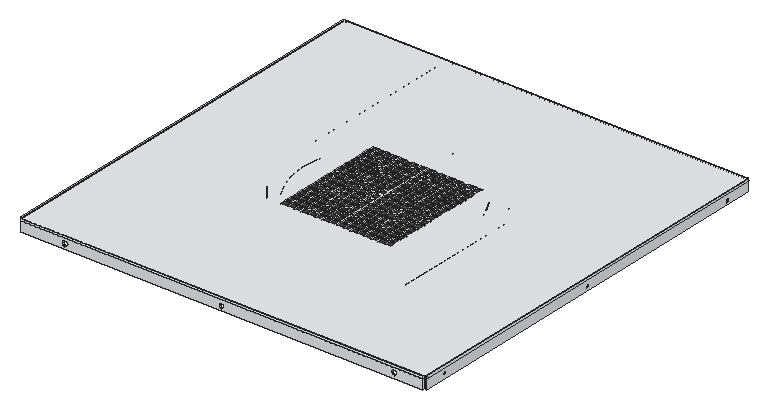
Revit family "DT22", category Communication Devices, host Face, Revit 2014 (continued)
Definition of nested family "ATLAS SOUND_DT22"
  Lines and regions (in)
    symbolic lines
      curve 57: line (0.62464, 3.41, 0) -> (0.62464, 3.09524, 0)
      curve 58: line (0.67471, 3.09524, 0) -> (0.67471, 3.41, 0)
      curve 59: line (0.67471, 3.41, 0) -> (1.0181, 3.41, 0)
      curve 60: line (1.0181, 3.41, 0) -> (1.0181, 3.09524, 0)
      curve 61: line (1.0181, 3.09524, 0) -> (0.67471, 3.09524, 0)
      curve 62: line (1.08096, 3.09524, 0) -> (1.08096, 3.41, 0)
      curve 63: line (1.08096, 3.41, 0) -> (1.42435, 3.41, 0)
      curve 64: line (1.42435, 3.41, 0) -> (1.42435, 3.09524, 0)
      curve 65: line (1.42435, 3.09524, 0) -> (1.08096, 3.09524, 0)
      curve 66: line (1.5, 3.41, 0) -> (1.84339, 3.41, 0)
      curve 67: line (1.5, 3.09524, 0) -> (1.5, 3.41, 0)
      curve 68: line (1.84339, 3.09524, 0) -> (1.5, 3.09524, 0)
      curve 69: line (1.84339, 3.41, 0) -> (1.84339, 3.09524, 0)
      curve 70: line (1.90625, 3.09524, 0) -> (1.90625, 3.41, 0)
      curve 71: line (1.90625, 3.41, 0) -> (2.24964, 3.41, 0)
      curve 72: line (2.24964, 3.41, 0) -> (2.24964, 3.09524, 0)
      curve 73: line (2.24964, 3.09524, 0) -> (1.90625, 3.09524, 0)
      curve 74: line (2.29971, 3.09524, 0) -> (2.29971, 3.41, 0)
      curve 75: line (2.29971, 3.41, 0) -> (2.6431, 3.41, 0)
      curve 76: line (2.6431, 3.41, 0) -> (2.6431, 3.09524, 0)
      curve 77: line (2.6431, 3.09524, 0) -> (2.29971, 3.09524, 0)
      curve 78: line (2.70596, 3.41, 0) -> (3.04935, 3.41, 0)
      curve 79: line (3.04935, 3.41, 0) -> (3.04935, 3.09524, 0)
      curve 80: line (2.70596, 3.09524, 0) -> (2.70596, 3.41, 0)
      curve 81: line (3.04935, 3.09524, 0) -> (2.70596, 3.09524, 0)
      curve 82: line (-3.41, 3.00611, 0) -> (-3.06661, 3.00611, 0)
      curve 83: line (-3.41, 2.68171, 0) -> (-3.41, 3.00611, 0)
      curve 84: line (-3.06661, 2.68171, 0) -> (-3.41, 2.68171, 0)
      curve 85: line (-3.00375, 3.00611, 0) -> (-2.66036, 3.00611, 0)
      curve 86: line (-2.66036, 2.68171, 0) -> (-3.00375, 2.68171, 0)
      curve 87: line (-2.2669, 3.41, 0) -> (-2.2669, 3.09524, 0)
      curve 88: line (-2.61029, 3.00611, 0) -> (-2.2669, 3.00611, 0)
      curve 89: line (-2.2669, 3.00611, 0) -> (-2.2669, 2.68171, 0)
      curve 90: line (-3.41, 2.59258, 0) -> (-3.06661, 2.59258, 0)
      curve 91: line (-3.06661, 2.59258, 0) -> (-3.06661, 2.23607, 0)
      curve 92: line (-3.00375, 2.59258, 0) -> (-2.66036, 2.59258, 0)
      curve 93: line (-2.66036, 2.68171, 0) -> (-3.00375, 2.68171, 0)
      curve 94: line (-2.20404, 2.68171, 0) -> (-2.20404, 3.00611, 0)
      curve 95: line (-2.20404, 3.00611, 0) -> (-1.86065, 3.00611, 0)
      curve 96: line (-1.86065, 3.00611, 0) -> (-1.86065, 2.68171, 0)
      curve 97: line (-1.86065, 2.68171, 0) -> (-2.20404, 2.68171, 0)
      curve 98: line (-1.785, 3.00611, 0) -> (-1.44161, 3.00611, 0)
      curve 99: line (-1.785, 2.68171, 0) -> (-1.785, 3.00611, 0)
      curve 100: line (-1.44161, 2.68171, 0) -> (-1.785, 2.68171, 0)
      curve 101: line (-1.44161, 3.00611, 0) -> (-1.44161, 2.68171, 0)
      curve 102: line (-1.37875, 2.68171, 0) -> (-1.37875, 3.00611, 0)
      curve 103: line (-1.37875, 3.00611, 0) -> (-1.03536, 3.00611, 0)
      curve 104: line (-1.03536, 3.00611, 0) -> (-1.03536, 2.68171, 0)
      curve 105: line (-1.03536, 2.68171, 0) -> (-1.37875, 2.68171, 0)
      curve 106: line (-0.98529, 2.68171, 0) -> (-0.98529, 3.00611, 0)
      curve 107: line (-0.6419, 3.00611, 0) -> (-0.6419, 2.68171, 0)
      curve 108: line (-0.98529, 3.00611, 0) -> (-0.6419, 3.00611, 0)
      curve 109: line (-0.6419, 2.68171, 0) -> (-0.98529, 2.68171, 0)
      curve 110: line (-0.57904, 3.00611, 0) -> (-0.23565, 3.00611, 0)
      curve 111: line (-0.57904, 2.68171, 0) -> (-0.57904, 3.00611, 0)
      curve 112: line (-0.23565, 3.00611, 0) -> (-0.23565, 2.68171, 0)
      curve 113: line (-0.23565, 2.68171, 0) -> (-0.57904, 2.68171, 0)
      curve 114: line (-0.125, 3.00611, 0) -> (0.21839, 3.00611, 0)
      curve 115: line (-0.125, 2.68171, 0) -> (-0.125, 3.00611, 0)
      curve 116: line (0.21839, 2.68171, 0) -> (-0.125, 2.68171, 0)
      curve 117: line (0.21839, 3.00611, 0) -> (0.21839, 2.68171, 0)
      curve 118: line (0.28125, 3.00611, 0) -> (0.62464, 3.00611, 0)
      curve 119: line (0.28125, 2.68171, 0) -> (0.28125, 3.00611, 0)
      curve 120: line (0.62464, 2.68171, 0) -> (0.28125, 2.68171, 0)
      curve 121: line (0.62464, 3.00611, 0) -> (0.62464, 2.68171, 0)
      curve 122: line (-3.41, -3.36026, 0) -> (-3.41, -2.99212, 0)
      curve 123: line (-3.06661, -3.36026, 0) -> (-3.41, -3.36026, 0)
      curve 124: line (-3.06661, -2.99212, 0) -> (-3.06661, -3.36026, 0)
      curve 125: line (-3.41, -2.99212, 0) -> (-3.06661, -2.99212, 0)
      curve 126: line (-3.41, -2.93399, 0) -> (-3.41, -2.58135, 0)
      curve 127: line (-3.41, -2.5205, 0) -> (-3.41, -2.18975, 0)
      curve 128: line (-3.41, -2.12775, 0) -> (-3.41, -1.78674, 0)
      curve 129: line (-3.41, -1.71896, 0) -> (-3.06661, -1.71896, 0)
      curve 130: line (-3.41, -1.28882, 0) -> (-3.41, -0.84705, 0)
      curve 131: line (-3.41, -0.77192, 0) -> (-3.41, -0.38627, 0)
      curve 132: line (-3.41, -0.29866, 0) -> (-3.41, 0.13266, 0)
      curve 133: line (-3.41, 0.2308, 0) -> (-3.41, 0.58285, 0)
      curve 134: line (-3.41, 0.2308, 0) -> (-3.41, 0.58285, 0)
      curve 135: line (-3.41, 0.65861, 0) -> (-3.41, 0.99284, 0)
      curve 136: line (-3.41, 1.05077, 0) -> (-3.41, 1.38055, 0)
      curve 137: line (-3.41, 1.46076, 0) -> (-3.41, 1.78162, 0)
      curve 138: line (-3.41, 1.85317, 0) -> (-3.41, 2.1593, 0)
      curve 139: line (-3.41, 2.23607, 0) -> (-3.41, 2.59258, 0)
      curve 140: line (-3.00375, 2.59258, 0) -> (-3.00375, 2.23607, 0)
      curve 141: line (-3.00375, 2.59258, 0) -> (-2.66036, 2.59258, 0)
      curve 142: line (-2.66036, 2.23607, 0) -> (-2.66036, 2.59258, 0)
      curve 143: line (-3.00375, 2.23607, 0) -> (-2.66036, 2.23607, 0)
      curve 144: line (-2.61029, 2.59258, 0) -> (-2.61029, 2.23607, 0)
      curve 145: line (-2.61029, 2.59258, 0) -> (-2.2669, 2.59258, 0)
      curve 146: line (-2.2669, 2.59258, 0) -> (-2.2669, 2.23607, 0)
      curve 147: line (-2.2669, 2.23607, 0) -> (-2.61029, 2.23607, 0)
      curve 148: line (-2.20404, 2.59258, 0) -> (-1.86065, 2.59258, 0)
      curve 149: line (-2.20404, 2.23607, 0) -> (-2.20404, 2.59258, 0)
      curve 150: line (-1.86065, 2.23607, 0) -> (-2.20404, 2.23607, 0)
      curve 151: line (-1.86065, 2.59258, 0) -> (-1.86065, 2.23607, 0)
      curve 152: line (-1.785, 2.59258, 0) -> (-1.44161, 2.59258, 0)
      curve 153: line (-1.785, 2.23607, 0) -> (-1.785, 2.59258, 0)
      curve 154: line (-1.44161, 2.23607, 0) -> (-1.785, 2.23607, 0)
      curve 155: line (-1.44161, 2.59258, 0) -> (-1.44161, 2.23607, 0)
      curve 156: line (-1.37875, 2.59258, 0) -> (-1.03536, 2.59258, 0)
      curve 157: line (-1.03536, 2.23607, 0) -> (-1.37875, 2.23607, 0)
      curve 158: line (-1.37875, 2.23607, 0) -> (-1.37875, 2.59258, 0)
      curve 159: line (-1.03536, 2.59258, 0) -> (-1.03536, 2.23607, 0)
      curve 160: line (-1.37875, 2.1593, 0) -> (-1.03536, 2.1593, 0)
      curve 161: line (-1.03536, 1.85317, 0) -> (-1.37875, 1.85317, 0)
      curve 162: line (-1.03536, 2.1593, 0) -> (-1.03536, 1.85317, 0)
      curve 163: line (-1.37875, 1.85317, 0) -> (-1.37875, 2.1593, 0)
      curve 164: line (-3.41, 2.59258, 0) -> (-3.06661, 2.59258, 0)
      curve 165: line (-3.06661, 2.23607, 0) -> (-3.41, 2.23607, 0)
      curve 166: line (-3.06661, 2.59258, 0) -> (-3.06661, 2.23607, 0)
      curve 167: line (-3.00375, 2.23607, 0) -> (-3.00375, 2.59258, 0)
      curve 168: line (-2.61029, 2.59258, 0) -> (-2.2669, 2.59258, 0)
      curve 169: line (-2.61029, 2.23607, 0) -> (-2.61029, 2.59258, 0)
      curve 170: line (-2.2669, 2.23607, 0) -> (-2.61029, 2.23607, 0)
      curve 171: line (-2.2669, 2.59258, 0) -> (-2.2669, 2.23607, 0)
      curve 172: line (-2.20404, 2.59258, 0) -> (-1.86065, 2.59258, 0)
      curve 173: line (-1.86065, 2.59258, 0) -> (-1.86065, 2.23607, 0)
      curve 174: line (-2.20404, 2.59258, 0) -> (-2.20404, 2.23607, 0)
      curve 175: line (-2.20404, 2.23607, 0) -> (-1.86065, 2.23607, 0)
      curve 176: line (-1.785, 2.59258, 0) -> (-1.44161, 2.59258, 0)
      curve 177: line (-1.785, 2.23607, 0) -> (-1.785, 2.59258, 0)
      curve 178: line (-1.44161, 2.23607, 0) -> (-1.785, 2.23607, 0)
      curve 179: line (-1.44161, 2.59258, 0) -> (-1.44161, 2.23607, 0)
      curve 180: line (-1.37875, 2.23607, 0) -> (-1.37875, 2.59258, 0)
      curve 181: line (-1.37875, 2.59258, 0) -> (-1.03536, 2.59258, 0)
      curve 182: line (-1.03536, 2.59258, 0) -> (-1.03536, 2.23607, 0)
      curve 183: line (-1.03536, 2.23607, 0) -> (-1.37875, 2.23607, 0)
      curve 184: line (-0.98529, 2.59258, 0) -> (-0.6419, 2.59258, 0)
      curve 185: line (-0.98529, 2.23607, 0) -> (-0.98529, 2.59258, 0)
      curve 186: line (-0.6419, 2.23607, 0) -> (-0.98529, 2.23607, 0)
      curve 187: line (-0.6419, 2.59258, 0) -> (-0.6419, 2.23607, 0)
      curve 188: line (-0.57904, 2.23607, 0) -> (-0.57904, 2.59258, 0)
      curve 189: line (-0.57904, 2.59258, 0) -> (-0.23565, 2.59258, 0)
      curve 190: line (-0.23565, 2.59258, 0) -> (-0.23565, 2.23607, 0)
      curve 191: line (-0.23565, 2.23607, 0) -> (-0.57904, 2.23607, 0)
      curve 192: line (-0.125, 2.23607, 0) -> (-0.125, 2.59258, 0)
      curve 193: line (-0.125, 2.59258, 0) -> (0.21839, 2.59258, 0)
      curve 194: line (0.21839, 2.59258, 0) -> (0.21839, 2.23607, 0)
      curve 195: line (0.21839, 2.23607, 0) -> (-0.125, 2.23607, 0)
      curve 196: line (0.28125, 2.59258, 0) -> (0.62464, 2.59258, 0)
      curve 197: line (0.62464, 2.23607, 0) -> (0.28125, 2.23607, 0)
      curve 198: line (0.28125, 2.23607, 0) -> (0.28125, 2.59258, 0)
      curve 199: line (0.62464, 2.59258, 0) -> (0.62464, 2.23607, 0)
      curve 200: line (0.67471, 2.23607, 0) -> (0.67471, 2.59258, 0)
      curve 201: line (0.67471, 2.59258, 0) -> (1.0181, 2.59258, 0)
      curve 202: line (1.0181, 2.59258, 0) -> (1.0181, 2.23607, 0)
      curve 203: line (1.0181, 2.23607, 0) -> (0.67471, 2.23607, 0)
      curve 204: line (-3.06661, 3.00611, 0) -> (-3.06661, 2.68171, 0)
      curve 205: line (-3.00375, 2.68171, 0) -> (-3.00375, 3.00611, 0)
      curve 206: line (-2.66036, 3.00611, 0) -> (-2.66036, 2.68171, 0)
      curve 207: line (-2.61029, 2.68171, 0) -> (-2.61029, 3.00611, 0)
      curve 208: line (-2.2669, 3.00611, 0) -> (-2.2669, 2.68171, 0)
      curve 209: line (-2.20404, 2.68171, 0) -> (-2.20404, 3.00611, 0)
      curve 210: line (-1.86065, 3.00611, 0) -> (-1.86065, 2.68171, 0)
      curve 211: line (-1.785, 2.68171, 0) -> (-1.785, 3.00611, 0)
      curve 212: line (-1.44161, 3.00611, 0) -> (-1.44161, 2.68171, 0)
      curve 213: line (-1.37875, 2.68171, 0) -> (-1.37875, 3.00611, 0)
      curve 214: line (-1.03536, 3.00611, 0) -> (-1.03536, 2.68171, 0)
      curve 215: line (-0.98529, 2.68171, 0) -> (-0.98529, 3.00611, 0)
      curve 216: line (-0.6419, 3.00611, 0) -> (-0.6419, 2.68171, 0)
      curve 217: line (-0.57904, 2.68171, 0) -> (-0.57904, 3.00611, 0)
      curve 218: line (-0.23565, 3.00611, 0) -> (-0.23565, 2.68171, 0)
      curve 219: line (-0.125, 2.68171, 0) -> (-0.125, 3.00611, 0)
      curve 220: line (0.21839, 3.00611, 0) -> (0.21839, 2.68171, 0)
      curve 221: line (0.28125, 2.68171, 0) -> (0.28125, 3.00611, 0)
      curve 222: line (0.62464, 3.00611, 0) -> (0.62464, 2.68171, 0)
      curve 223: line (0.67471, 3.09524, 0) -> (0.67471, 3.41, 0)
      curve 224: line (1.0181, 3.00611, 0) -> (1.0181, 2.68171, 0)
      curve 225: line (1.08096, 2.68171, 0) -> (1.08096, 3.00611, 0)
      curve 226: line (1.42435, 3.00611, 0) -> (1.42435, 2.68171, 0)
      curve 227: line (1.5, 2.68171, 0) -> (1.5, 3.00611, 0)
      curve 228: line (1.84339, 3.00611, 0) -> (1.84339, 2.68171, 0)
      curve 229: line (1.90625, 2.68171, 0) -> (1.90625, 2.88974, 0)
      curve 230: line (2.24964, 3.00611, 0) -> (2.24964, 2.68171, 0)
      curve 231: line (2.29971, 2.68171, 0) -> (2.29971, 3.00611, 0)
      curve 232: line (2.6431, 3.00611, 0) -> (2.6431, 2.68171, 0)
      curve 233: line (2.70596, 2.68171, 0) -> (2.70596, 3.00611, 0)
      curve 234: line (3.04935, 3.00611, 0) -> (3.04935, 2.68171, 0)
      curve 235: line (-0.125, 1.38055, 0) -> (0.21839, 1.38055, 0)
      curve 236: line (-0.57904, 1.46076, 0) -> (-0.23565, 1.46076, 0)
      curve 237: line (-0.125, 1.78162, 0) -> (0.21839, 1.78162, 0)
      curve 238: line (-3.41, 1.85317, 0) -> (-3.06661, 1.85317, 0)
      curve 239: line (-3.41, 2.23607, 0) -> (-3.06661, 2.23607, 0)
      curve 240: line (-3.41, 2.59258, 0) -> (-3.06661, 2.59258, 0)
      curve 241: line (-3.41, 2.68171, 0) -> (-3.06661, 2.68171, 0)
      curve 242: line (-2.61029, 2.68171, 0) -> (-2.2669, 2.68171, 0)
      curve 243: line (-3.06661, 1.85317, 0) -> (-3.06661, 2.1593, 0)
      curve 244: line (-3.00375, 1.85317, 0) -> (-3.00375, 2.1593, 0)
      curve 245: line (-2.66036, 2.1593, 0) -> (-2.66036, 1.85317, 0)
      curve 246: line (-2.66036, 1.85317, 0) -> (-3.00375, 1.85317, 0)
      curve 247: line (-2.61029, 2.1593, 0) -> (-2.2669, 2.1593, 0)
      curve 248: line (0.67471, 2.68171, 0) -> (1.0181, 2.68171, 0)
      curve 249: line (1.08096, 2.68171, 0) -> (1.42435, 2.68171, 0)
      curve 250: line (1.5, 2.68171, 0) -> (1.84339, 2.68171, 0)
      curve 251: line (1.90625, 2.68171, 0) -> (2.24964, 2.68171, 0)
      curve 252: line (2.29971, 2.68171, 0) -> (2.6431, 2.68171, 0)
      curve 253: line (2.70596, 2.68171, 0) -> (3.04935, 2.68171, 0)
      curve 254: line (2.70596, 1.78162, 0) -> (2.70596, 1.46076, 0)
      curve 255: line (2.6431, 1.78162, 0) -> (2.6431, 1.46076, 0)
      curve 256: line (2.29971, 1.46076, 0) -> (2.29971, 1.78162, 0)
      curve 257: line (3.04935, 1.46076, 0) -> (2.70596, 1.46076, 0)
      curve 258: line (2.6431, 1.46076, 0) -> (2.29971, 1.46076, 0)
      curve 259: line (2.24964, 1.78162, 0) -> (2.24964, 1.46076, 0)
      curve 260: line (1.90625, 1.46076, 0) -> (1.90625, 1.78162, 0)
      curve 261: line (1.84339, 1.78162, 0) -> (1.84339, 1.46076, 0)
      curve 262: line (3.04935, 1.38055, 0) -> (3.04935, 1.05077, 0)
      curve 263: line (2.70596, 1.05077, 0) -> (2.70596, 1.38055, 0)
      curve 264: line (2.6431, 1.38055, 0) -> (2.6431, 1.05077, 0)
      curve 265: line (2.29971, 1.05077, 0) -> (2.29971, 1.38055, 0)
      curve 266: line (2.24964, 1.38055, 0) -> (2.24964, 1.05077, 0)
      curve 267: line (1.90625, 1.05077, 0) -> (1.90625, 1.38055, 0)
      curve 268: line (1.84339, 1.38055, 0) -> (1.84339, 1.05077, 0)
      curve 269: line (1.84339, 1.78162, 0) -> (1.84339, 1.46076, 0)
      curve 270: line (1.5, 1.46076, 0) -> (1.5, 1.78162, 0)
      curve 271: line (1.5, 1.05077, 0) -> (1.5, 1.38055, 0)
      curve 272: line (1.42435, 1.38055, 0) -> (1.42435, 1.05077, 0)
      curve 273: line (1.42435, 1.78162, 0) -> (1.42435, 1.46076, 0)
      curve 274: line (1.08096, 1.46076, 0) -> (1.08096, 1.78162, 0)
      curve 275: line (1.08096, 1.05077, 0) -> (1.08096, 1.38055, 0)
      curve 276: line (1.0181, 1.38055, 0) -> (1.0181, 1.05077, 0)
      curve 277: line (1.0181, 1.78162, 0) -> (1.0181, 1.46076, 0)
      curve 278: line (0.67471, 1.46076, 0) -> (0.67471, 1.78162, 0)
      curve 279: line (0.67471, 1.05077, 0) -> (0.67471, 1.38055, 0)
      curve 280: line (0.62464, 1.38055, 0) -> (0.62464, 1.05077, 0)
      curve 281: line (0.62464, 1.78162, 0) -> (0.62464, 1.46076, 0)
      curve 282: line (0.28125, 1.46076, 0) -> (0.28125, 1.78162, 0)
      curve 283: line (0.28125, 1.05077, 0) -> (0.28125, 1.38055, 0)
      curve 284: line (0.21839, 1.38055, 0) -> (0.21839, 1.05077, 0)
      curve 285: line (0.21839, 1.78162, 0) -> (0.21839, 1.46076, 0)
      curve 286: line (-0.125, 1.46076, 0) -> (-0.125, 1.78162, 0)
      curve 287: line (-0.125, 1.05077, 0) -> (-0.125, 1.38055, 0)
      curve 288: line (-0.23565, 1.38055, 0) -> (-0.23565, 1.05077, 0)
      curve 289: line (-0.23565, 1.73572, 0) -> (-0.23565, 1.46076, 0)
      curve 290: line (-0.57904, 1.46076, 0) -> (-0.57904, 1.78162, 0)
      curve 291: line (-0.57904, 1.05077, 0) -> (-0.57904, 1.38055, 0)
      curve 292: line (-0.6419, 1.38055, 0) -> (-0.6419, 1.05077, 0)
      curve 293: line (-0.6419, 1.78162, 0) -> (-0.6419, 1.46076, 0)
      curve 294: line (3.04935, 0.99284, 0) -> (3.04935, 0.65861, 0)
      curve 295: line (2.70596, 0.65861, 0) -> (2.70596, 0.99284, 0)
      curve 296: line (2.6431, 0.99284, 0) -> (2.6431, 0.65861, 0)
      curve 297: line (2.29971, 0.65861, 0) -> (2.29971, 0.99284, 0)
      curve 298: line (2.24964, 0.99284, 0) -> (2.24964, 0.65861, 0)
      curve 299: line (1.90625, 0.65861, 0) -> (1.90625, 0.99284, 0)
      curve 300: line (1.84339, 0.99284, 0) -> (1.84339, 0.65861, 0)
      curve 301: line (1.5, 0.65861, 0) -> (1.5, 0.99284, 0)
      curve 302: line (1.42435, 0.99284, 0) -> (1.42435, 0.65861, 0)
      curve 303: line (1.08096, 0.65861, 0) -> (1.08096, 0.99284, 0)
      curve 304: line (1.0181, 0.99284, 0) -> (1.0181, 0.65861, 0)
      curve 305: line (0.67471, 0.65861, 0) -> (0.67471, 0.99284, 0)
      curve 306: line (0.62464, 0.99284, 0) -> (0.62464, 0.65861, 0)
      curve 307: line (0.28125, 0.65861, 0) -> (0.28125, 0.99284, 0)
      curve 308: line (0.21839, 0.99284, 0) -> (0.21839, 0.65861, 0)
      curve 309: line (-0.125, 0.65861, 0) -> (-0.125, 0.99284, 0)
      curve 310: line (-0.23565, 0.99284, 0) -> (-0.23565, 0.65861, 0)
      curve 311: line (-0.57904, 0.65861, 0) -> (-0.57904, 0.99284, 0)
      curve 312: line (-0.6419, 0.99284, 0) -> (-0.6419, 0.65861, 0)
      curve 313: line (-0.23565, 1.78162, 0) -> (-0.23565, 1.73572, 0)
      curve 314: line (-0.23565, 1.38055, 0) -> (-0.23565, 1.05077, 0)
      curve 315: line (-0.57904, 0.65861, 0) -> (-0.57904, 0.99284, 0)
      curve 316: line (-0.57904, 1.05077, 0) -> (-0.57904, 1.38055, 0)
      curve 317: line (-3.06661, 1.38055, 0) -> (-3.06661, 1.05077, 0)
      curve 318: line (-3.00375, 1.05077, 0) -> (-3.00375, 1.38055, 0)
      curve 319: line (-3.06661, 1.78162, 0) -> (-3.06661, 1.46076, 0)
      curve 320: line (-2.66036, 1.38055, 0) -> (-2.66036, 1.05077, 0)
      curve 321: line (-2.66036, 1.78162, 0) -> (-2.66036, 1.46076, 0)
      curve 322: line (-3.00375, 1.46076, 0) -> (-3.00375, 1.78162, 0)
      curve 323: line (-2.2669, 1.78162, 0) -> (-2.2669, 1.46076, 0)
      curve 324: line (-3.00375, 0.65861, 0) -> (-3.00375, 0.99284, 0)
      curve 325: line (3.04935, 0.65861, 0) -> (2.70596, 0.65861, 0)
      curve 326: line (-3.06661, -2.99212, 0) -> (-3.06661, -3.36026, 0)
      curve 327: line (-3.41, -2.99212, 0) -> (-3.06661, -2.99212, 0)
      curve 328: line (-3.06661, -3.36026, 0) -> (-3.41, -3.36026, 0)
      curve 329: line (-3.00375, -3.36026, 0) -> (-3.00375, -2.99212, 0)
      curve 330: line (-3.00375, -2.99212, 0) -> (-2.66036, -2.99212, 0)
      curve 331: line (-2.66036, -2.99212, 0) -> (-2.66036, -3.36026, 0)
      curve 332: line (-2.66036, -3.36026, 0) -> (-3.00375, -3.36026, 0)
      curve 333: line (-2.61029, -3.36026, 0) -> (-2.61029, -2.99212, 0)
      curve 334: line (-2.66036, -2.93399, 0) -> (-3.00375, -2.93399, 0)
      curve 335: line (-3.00375, -2.58135, 0) -> (-2.66036, -2.58135, 0)
      curve 336: line (-3.00375, -2.93399, 0) -> (-3.00375, -2.58135, 0)
      curve 337: line (-2.66036, -2.58135, 0) -> (-2.66036, -2.93399, 0)
      curve 338: line (-2.61029, -3.36026, 0) -> (-2.61029, -2.99212, 0)
      curve 339: line (-2.61029, -2.99212, 0) -> (-2.2669, -2.99212, 0)
      curve 340: line (-2.2669, -2.99212, 0) -> (-2.2669, -3.36026, 0)
      curve 341: line (-2.2669, -3.36026, 0) -> (-2.61029, -3.36026, 0)
      curve 342: line (-2.20404, -3.36026, 0) -> (-2.20404, -2.99212, 0)
      curve 343: line (-2.20404, -2.99212, 0) -> (-1.86065, -2.99212, 0)
      curve 344: line (-1.86065, -2.99212, 0) -> (-1.86065, -3.36026, 0)
      curve 345: line (-1.86065, -3.36026, 0) -> (-2.20404, -3.36026, 0)
      curve 346: line (-1.785, -3.36026, 0) -> (-1.785, -2.99212, 0)
      curve 347: line (-1.785, -2.99212, 0) -> (-1.44161, -2.99212, 0)
      curve 348: line (-1.44161, -2.99212, 0) -> (-1.44161, -3.36026, 0)
      curve 349: line (-1.44161, -3.36026, 0) -> (-1.785, -3.36026, 0)
      curve 350: line (-1.37875, -3.36026, 0) -> (-1.37875, -2.99212, 0)
      curve 351: line (-1.37875, -2.99212, 0) -> (-1.03536, -2.99212, 0)
      curve 352: line (-1.03536, -2.99212, 0) -> (-1.03536, -3.36026, 0)
      curve 353: line (-1.03536, -3.36026, 0) -> (-1.37875, -3.36026, 0)
      curve 354: line (-0.98529, -3.36026, 0) -> (-0.98529, -2.99212, 0)
      curve 355: line (-0.98529, -2.99212, 0) -> (-0.6419, -2.99212, 0)
      curve 356: line (-0.6419, -2.99212, 0) -> (-0.6419, -3.36026, 0)
      curve 357: line (-0.6419, -3.36026, 0) -> (-0.98529, -3.36026, 0)
      curve 358: line (-0.57904, -3.36026, 0) -> (-0.57904, -2.99212, 0)
      curve 359: line (-0.57904, -2.99212, 0) -> (-0.23565, -2.99212, 0)
      curve 360: line (-0.23565, -2.99212, 0) -> (-0.23565, -3.36026, 0)
      curve 361: line (-0.23565, -3.36026, 0) -> (-0.57904, -3.36026, 0)
      curve 362: line (-0.23565, -2.93399, 0) -> (-0.57904, -2.93399, 0)
      curve 363: line (-0.23565, -2.58135, 0) -> (-0.23565, -2.93399, 0)
      curve 364: line (-0.57904, -2.58135, 0) -> (-0.23565, -2.58135, 0)
      curve 365: line (-0.57904, -2.93399, 0) -> (-0.57904, -2.58135, 0)
      curve 366: line (-0.23565, -2.58135, 0) -> (-0.23565, -2.93399, 0)
      curve 367: line (-0.57904, -2.18975, 0) -> (-0.23565, -2.18975, 0)
      curve 368: line (-0.23565, -2.12775, 0) -> (-0.57904, -2.12775, 0)
      curve 369: line (-0.23565, -1.78674, 0) -> (-0.23565, -2.12775, 0)
      curve 370: line (-0.57904, -1.78674, 0) -> (-0.23565, -1.78674, 0)
      curve 371: line (-0.57904, -1.71896, 0) -> (-0.57904, -1.36244, 0)
      curve 372: line (-0.57904, -1.36244, 0) -> (-0.23565, -1.36244, 0)
      curve 373: line (-0.23565, -1.36244, 0) -> (-0.23565, -1.71896, 0)
      curve 374: line (-0.6419, -1.36244, 0) -> (-0.6419, -1.71896, 0)
      curve 375: line (-0.98529, -1.71896, 0) -> (-0.98529, -1.36244, 0)
      curve 376: line (-0.98529, -1.36244, 0) -> (-0.6419, -1.36244, 0)
      curve 377: line (-0.6419, -1.71896, 0) -> (-0.98529, -1.71896, 0)
      curve 378: line (-0.98529, -1.78674, 0) -> (-0.6419, -1.78674, 0)
      curve 379: line (-0.98529, -2.12775, 0) -> (-0.98529, -1.78674, 0)
      curve 380: line (-0.6419, -2.12775, 0) -> (-0.98529, -2.12775, 0)
      curve 381: line (-0.98529, -2.18975, 0) -> (-0.6419, -2.18975, 0)
      curve 382: line (-0.6419, -2.5205, 0) -> (-0.98529, -2.5205, 0)
      curve 383: line (-0.6419, -2.18975, 0) -> (-0.6419, -2.5205, 0)
      curve 384: line (-0.98529, -2.5205, 0) -> (-0.98529, -2.18975, 0)
      curve 385: line (-0.98529, -2.58135, 0) -> (-0.6419, -2.58135, 0)
      curve 386: line (-0.6419, -2.58135, 0) -> (-0.6419, -2.93399, 0)
      curve 387: line (-0.6419, -2.93399, 0) -> (-0.98529, -2.93399, 0)
      curve 388: line (-0.98529, -2.93399, 0) -> (-0.98529, -2.58135, 0)
      curve 389: line (-1.37875, -2.58135, 0) -> (-1.03536, -2.58135, 0)
      curve 390: line (-1.03536, -2.58135, 0) -> (-1.03536, -2.93399, 0)
      curve 391: line (-1.03536, -2.93399, 0) -> (-1.37875, -2.93399, 0)
      curve 392: line (-1.37875, -2.93399, 0) -> (-1.37875, -2.58135, 0)
      curve 393: line (-1.37875, -2.5205, 0) -> (-1.37875, -2.18975, 0)
      curve 394: line (-1.37875, -2.18975, 0) -> (-1.03536, -2.18975, 0)
      curve 395: line (-1.03536, -2.18975, 0) -> (-1.03536, -2.5205, 0)
      curve 396: line (-1.37875, -1.78674, 0) -> (-1.03536, -1.78674, 0)
      curve 397: line (-1.37875, -2.12775, 0) -> (-1.37875, -1.78674, 0)
      curve 398: line (-1.03536, -2.12775, 0) -> (-1.37875, -2.12775, 0)
      curve 399: line (-1.03536, -1.36244, 0) -> (-1.03536, -1.71896, 0)
      curve 400: line (-1.37875, -1.71896, 0) -> (-1.37875, -1.36244, 0)
      curve 401: line (-1.03536, -1.71896, 0) -> (-1.37875, -1.71896, 0)
      curve 402: line (-1.37875, -1.36244, 0) -> (-1.03536, -1.36244, 0)
      curve 403: line (-1.785, -1.36244, 0) -> (-1.44161, -1.36244, 0)
      curve 404: line (-1.785, -1.71896, 0) -> (-1.785, -1.36244, 0)
      curve 405: line (-1.44161, -1.71896, 0) -> (-1.785, -1.71896, 0)
      curve 406: line (-1.44161, -1.36244, 0) -> (-1.44161, -1.71896, 0)
      curve 407: line (-1.785, -1.78674, 0) -> (-1.44161, -1.78674, 0)
      curve 408: line (-1.785, -2.12775, 0) -> (-1.785, -1.78674, 0)
      curve 409: line (-1.44161, -2.12775, 0) -> (-1.785, -2.12775, 0)
      curve 410: line (-1.785, -2.18975, 0) -> (-1.44161, -2.18975, 0)
      curve 411: line (-1.44161, -2.5205, 0) -> (-1.785, -2.5205, 0)
      curve 412: line (-1.785, -2.5205, 0) -> (-1.785, -2.18975, 0)
      curve 413: line (-1.44161, -2.18975, 0) -> (-1.44161, -2.5205, 0)
      curve 414: line (-1.86065, -2.18975, 0) -> (-1.86065, -2.5205, 0)
      curve 415: line (-2.20404, -2.5205, 0) -> (-2.20404, -2.18975, 0)
      curve 416: line (-2.20404, -2.18975, 0) -> (-1.86065, -2.18975, 0)
      curve 417: line (-2.61029, -2.18975, 0) -> (-2.2669, -2.18975, 0)
      curve 418: line (-2.61029, -2.5205, 0) -> (-2.61029, -2.18975, 0)
      curve 419: line (-2.2669, -2.5205, 0) -> (-2.61029, -2.5205, 0)
      curve 420: line (-2.2669, -2.18975, 0) -> (-2.2669, -2.5205, 0)
      curve 421: line (-3.00375, -2.12775, 0) -> (-3.00375, -1.78674, 0)
      curve 422: line (-2.61029, -2.12775, 0) -> (-2.61029, -1.78674, 0)
      curve 423: line (-2.66036, -1.78674, 0) -> (-2.66036, -2.12775, 0)
      curve 424: line (-3.00375, -1.78674, 0) -> (-2.66036, -1.78674, 0)
      curve 425: line (-2.66036, -2.12775, 0) -> (-3.00375, -2.12775, 0)
      curve 426: line (-2.61029, -1.78674, 0) -> (-2.2669, -1.78674, 0)
      curve 427: line (-2.61029, -2.12775, 0) -> (-2.61029, -1.78674, 0)
      curve 428: line (-2.2669, -1.78674, 0) -> (-2.2669, -2.12775, 0)
      curve 429: line (-2.2669, -2.12775, 0) -> (-2.61029, -2.12775, 0)
      curve 430: line (-2.20404, -1.78674, 0) -> (-1.86065, -1.78674, 0)
      curve 431: line (-2.20404, -2.12775, 0) -> (-2.20404, -1.78674, 0)
      curve 432: line (-1.86065, -2.12775, 0) -> (-2.20404, -2.12775, 0)
      curve 433: line (-1.86065, -1.78674, 0) -> (-1.86065, -2.12775, 0)
      curve 434: line (-3.00375, -2.5205, 0) -> (-3.00375, -2.18975, 0)
      curve 435: line (-3.00375, -2.58135, 0) -> (-2.66036, -2.58135, 0)
      curve 436: line (-2.66036, -2.58135, 0) -> (-2.66036, -2.93399, 0)
      curve 437: line (-2.66036, -2.18975, 0) -> (-2.66036, -2.5205, 0)
      curve 438: line (-2.66036, -2.5205, 0) -> (-3.00375, -2.5205, 0)
      curve 439: line (-3.00375, -2.18975, 0) -> (-2.66036, -2.18975, 0)
      curve 440: line (-2.66036, -2.12775, 0) -> (-3.00375, -2.12775, 0)
      curve 441: line (-3.00375, -1.78674, 0) -> (-2.66036, -1.78674, 0)
      curve 442: line (-2.66036, -1.78674, 0) -> (-2.66036, -2.12775, 0)
      curve 443: line (-2.61029, -2.12775, 0) -> (-2.61029, -1.78674, 0)
      curve 444: line (-2.61029, -2.5205, 0) -> (-2.61029, -2.18975, 0)
      curve 445: line (-3.00375, -0.29866, 0) -> (-3.00375, 0.13266, 0)
      curve 446: line (-3.00375, 0.13266, 0) -> (-2.66036, 0.13266, 0)
      curve 447: line (-2.66036, 0.13266, 0) -> (-2.66036, -0.29866, 0)
      curve 448: line (-2.66036, -0.29866, 0) -> (-3.00375, -0.29866, 0)
      curve 449: line (-3.00375, -0.38627, 0) -> (-2.66036, -0.38627, 0)
      curve 450: line (-2.66036, -0.38627, 0) -> (-2.66036, -0.77192, 0)
      curve 451: line (-2.66036, -0.77192, 0) -> (-3.00375, -0.77192, 0)
      curve 452: line (-3.00375, -0.84705, 0) -> (-2.66036, -0.84705, 0)
      curve 453: line (-2.66036, -0.84705, 0) -> (-2.66036, -1.28882, 0)
      curve 454: line (-2.66036, -1.28882, 0) -> (-3.00375, -1.28882, 0)
      curve 455: line (-3.00375, -1.28882, 0) -> (-3.00375, -0.84705, 0)
      curve 456: line (-3.00375, -1.71896, 0) -> (-3.00375, -1.36244, 0)
      curve 457: line (-3.00375, -1.36244, 0) -> (-2.66036, -1.36244, 0)
      curve 458: line (-2.66036, -1.36244, 0) -> (-2.66036, -1.71896, 0)
      curve 459: line (-2.66036, -1.71896, 0) -> (-3.00375, -1.71896, 0)
      curve 460: line (-3.00375, -2.12775, 0) -> (-3.00375, -1.78674, 0)
      curve 461: line (-2.61029, -1.71896, 0) -> (-2.61029, -1.36244, 0)
      curve 462: line (-2.61029, -1.36244, 0) -> (-2.2669, -1.36244, 0)
      curve 463: line (-2.2669, -1.36244, 0) -> (-2.2669, -1.71896, 0)
      curve 464: line (-2.2669, -1.71896, 0) -> (-2.61029, -1.71896, 0)
      curve 465: line (-2.20404, -1.71896, 0) -> (-2.20404, -1.36244, 0)
      curve 466: line (-2.20404, -1.36244, 0) -> (-1.86065, -1.36244, 0)
      curve 467: line (-1.86065, -1.36244, 0) -> (-1.86065, -1.71896, 0)
      curve 468: line (-1.86065, -1.71896, 0) -> (-2.20404, -1.71896, 0)
      curve 469: line (-1.785, -1.36244, 0) -> (-1.44161, -1.36244, 0)
      curve 470: line (-1.37875, -1.71896, 0) -> (-1.37875, -1.36244, 0)
      curve 471: line (-1.37875, -1.36244, 0) -> (-1.03536, -1.36244, 0)
      curve 472: line (-1.03536, -1.36244, 0) -> (-1.03536, -1.71896, 0)
      curve 473: line (-1.03536, -1.71896, 0) -> (-1.37875, -1.71896, 0)
      curve 474: line (-0.98529, -1.36244, 0) -> (-0.6419, -1.36244, 0)
      curve 475: line (-0.6419, -1.36244, 0) -> (-0.6419, -1.71896, 0)
      curve 476: line (-3.00375, -1.28882, 0) -> (-3.00375, -0.84705, 0)
      curve 477: line (-3.00375, -0.84705, 0) -> (-2.66036, -0.84705, 0)
      curve 478: line (-2.66036, -0.84705, 0) -> (-2.66036, -1.28882, 0)
      curve 479: line (-2.61029, -1.28882, 0) -> (-2.61029, -0.84705, 0)
      curve 480: line (0.67471, -0.84705, 0) -> (1.0181, -0.84705, 0)
      curve 481: line (1.0181, -0.84705, 0) -> (1.0181, -1.28882, 0)
      curve 482: line (0.62464, -0.84705, 0) -> (0.62464, -1.28882, 0)
      curve 483: line (0.67471, -1.28882, 0) -> (0.67471, -0.84705, 0)
      curve 484: line (1.0181, -1.28882, 0) -> (0.67471, -1.28882, 0)
      curve 485: line (0.62464, -1.28882, 0) -> (0.28125, -1.28882, 0)
      curve 486: line (0.28125, -1.36244, 0) -> (0.62464, -1.36244, 0)
      curve 487: line (0.28125, -1.71896, 0) -> (0.28125, -1.36244, 0)
      curve 488: line (0.62464, -1.71896, 0) -> (0.28125, -1.71896, 0)
      curve 489: line (0.62464, -1.36244, 0) -> (0.62464, -1.71896, 0)
      curve 490: line (0.28125, -1.78674, 0) -> (0.62464, -1.78674, 0)
      curve 491: line (0.28125, -2.12775, 0) -> (0.28125, -1.78674, 0)
      curve 492: line (0.62464, -1.78674, 0) -> (0.62464, -2.12775, 0)
      curve 493: line (0.62464, -2.12775, 0) -> (0.28125, -2.12775, 0)
      curve 494: line (0.28125, -2.18975, 0) -> (0.62464, -2.18975, 0)
      curve 495: line (0.28125, -2.5205, 0) -> (0.28125, -2.18975, 0)
      curve 496: line (0.62464, -2.18975, 0) -> (0.62464, -2.5205, 0)
      curve 497: line (0.62464, -2.5205, 0) -> (0.28125, -2.5205, 0)
      curve 498: line (0.28125, -2.58135, 0) -> (0.62464, -2.58135, 0)
      curve 499: line (0.62464, -2.93399, 0) -> (0.28125, -2.93399, 0)
      curve 500: line (0.62464, -2.58135, 0) -> (0.62464, -2.93399, 0)
      curve 501: line (0.28125, -2.99212, 0) -> (0.62464, -2.99212, 0)
      curve 502: line (0.62464, -2.99212, 0) -> (0.62464, -3.36026, 0)
      curve 503: line (0.28125, -3.36026, 0) -> (0.28125, -2.99212, 0)
      curve 504: line (0.21839, -2.99212, 0) -> (0.21839, -3.36026, 0)
      curve 505: line (-0.125, -3.36026, 0) -> (-0.125, -2.99212, 0)
      curve 506: line (-0.125, -3.36026, 0) -> (-0.125, -2.99212, 0)
      curve 507: line (-1.37875, 0.2308, 0) -> (-1.37875, 0.58285, 0)
      curve 508: line (-1.03536, 0.2308, 0) -> (-1.37875, 0.2308, 0)
      curve 509: line (-1.37875, 0.13266, 0) -> (-1.03536, 0.13266, 0)
      curve 510: line (-1.37875, -0.29866, 0) -> (-1.37875, 0.13266, 0)
      curve 511: line (-1.03536, -0.29866, 0) -> (-1.37875, -0.29866, 0)
      curve 512: line (-1.03536, 0.13266, 0) -> (-1.03536, -0.29866, 0)
      curve 513: line (-0.98529, -0.29866, 0) -> (-0.98529, 0.13266, 0)
      curve 514: line (-0.98529, 0.13266, 0) -> (-0.6419, 0.13266, 0)
      curve 515: line (-0.125, 3.00611, 0) -> (-0.125, 2.68171, 0)
      curve 516: line (-0.125, 2.59258, 0) -> (-0.125, 2.23607, 0)
      curve 517: line (-0.125, 2.1593, 0) -> (-0.125, 1.85317, 0)
      curve 518: line (-0.125, 1.78162, 0) -> (-0.125, 1.46076, 0)
      curve 519: line (-0.125, 1.38055, 0) -> (-0.125, 1.05077, 0)
      curve 520: line (3.04935, 3.00611, 0) -> (3.04935, 2.68171, 0)
      curve 521: line (3.04935, 2.59258, 0) -> (3.04935, 2.23607, 0)
      curve 522: line (3.04935, 2.1593, 0) -> (3.04935, 1.85317, 0)
      curve 523: line (3.04935, 1.78162, 0) -> (3.04935, 1.46076, 0)
      curve 524: line (3.04935, 1.38055, 0) -> (3.04935, 1.05077, 0)
      curve 525: line (3.04935, 0.99284, 0) -> (3.04935, 0.65861, 0)
      curve 526: line (3.04935, 0.58285, 0) -> (3.04935, 0.2308, 0)
      curve 527: line (3.04935, 0.13266, 0) -> (3.04935, -0.29866, 0)
      curve 528: line (3.04935, -0.38627, 0) -> (3.04935, -0.77192, 0)
      curve 529: line (3.04935, -0.84705, 0) -> (3.04935, -1.28882, 0)
      curve 530: line (3.04935, -1.36244, 0) -> (3.04935, -1.71896, 0)
      curve 531: line (3.04935, -1.78674, 0) -> (3.04935, -2.12775, 0)
      curve 532: line (3.04935, -2.18975, 0) -> (3.04935, -2.5205, 0)
      curve 533: line (3.04935, -2.58135, 0) -> (3.04935, -2.93399, 0)
      curve 534: line (3.04935, -2.99212, 0) -> (3.04935, -3.36026, 0)
      curve 535: line (2.6431, -2.99212, 0) -> (2.6431, -3.36026, 0)
      curve 536: line (2.29971, 2.68171, 0) -> (2.29971, 3.00611, 0)
      curve 537: line (2.6431, 3.00611, 0) -> (2.6431, 2.68171, 0)
      curve 538: line (2.6431, 2.59258, 0) -> (2.6431, 2.23607, 0)
      curve 539: line (2.6431, 2.1593, 0) -> (2.6431, 1.85317, 0)
      curve 540: line (2.6431, 1.78162, 0) -> (2.6431, 1.46076, 0)
      curve 541: line (2.6431, 1.38055, 0) -> (2.6431, 1.05077, 0)
      curve 542: line (2.6431, 0.99284, 0) -> (2.6431, 0.65861, 0)
      curve 543: line (2.24964, 2.59258, 0) -> (2.24964, 2.23607, 0)
      curve 544: line (2.24964, 2.1593, 0) -> (2.24964, 1.85317, 0)
      curve 545: line (2.24964, 1.78162, 0) -> (2.24964, 1.46076, 0)
      curve 546: line (2.24964, 1.38055, 0) -> (2.24964, 1.05077, 0)
      curve 547: line (2.24964, 0.99284, 0) -> (2.24964, 0.65861, 0)
      curve 548: line (2.24964, 0.58285, 0) -> (2.24964, 0.2308, 0)
      curve 549: line (2.24964, 0.13266, 0) -> (2.24964, -0.29866, 0)
      curve 550: line (2.24964, -0.38627, 0) -> (2.24964, -0.77192, 0)
      curve 551: line (2.24964, -0.84705, 0) -> (2.24964, -1.28882, 0)
      curve 552: line (2.24964, -1.36244, 0) -> (2.24964, -1.71896, 0)
      curve 553: line (2.24964, -1.78674, 0) -> (2.24964, -2.12775, 0)
      curve 554: line (2.24964, -2.18975, 0) -> (2.24964, -2.5205, 0)
      curve 555: line (2.24964, -2.58135, 0) -> (2.24964, -2.93399, 0)
      curve 556: line (2.24964, -2.99212, 0) -> (2.24964, -3.36026, 0)
      curve 557: line (1.90625, -3.36026, 0) -> (1.90625, -2.99212, 0)
      curve 558: line (1.90625, -2.93399, 0) -> (1.90625, -2.58135, 0)
      curve 559: line (1.90625, -2.5205, 0) -> (1.90625, -2.18975, 0)
      curve 560: line (1.90625, -2.12775, 0) -> (1.90625, -1.78674, 0)
      curve 561: line (1.90625, -1.71896, 0) -> (1.90625, -1.36244, 0)
      curve 562: line (1.90625, -1.28882, 0) -> (1.90625, -0.84705, 0)
      curve 563: line (1.90625, -0.77192, 0) -> (1.90625, -0.38627, 0)
      curve 564: line (1.84339, 0.13266, 0) -> (1.84339, -0.29866, 0)
      curve 565: line (1.90625, -0.29866, 0) -> (1.90625, 0.13266, 0)
      curve 566: line (1.90625, 0.2308, 0) -> (1.90625, 0.58285, 0)
      curve 567: line (1.90625, 0.65861, 0) -> (1.90625, 0.99284, 0)
      curve 568: line (1.90625, 1.05077, 0) -> (1.90625, 1.38055, 0)
      curve 569: line (1.90625, 1.46076, 0) -> (1.90625, 1.78162, 0)
      curve 570: line (1.84339, 2.1593, 0) -> (1.84339, 1.85317, 0)
      curve 571: line (1.42435, 2.59258, 0) -> (1.42435, 2.23607, 0)
      curve 572: line (1.42435, 2.1593, 0) -> (1.42435, 1.85317, 0)
      curve 573: line (1.42435, 1.78162, 0) -> (1.42435, 1.46076, 0)
      curve 574: line (1.42435, 1.38055, 0) -> (1.42435, 1.05077, 0)
      curve 575: line (1.42435, 0.58285, 0) -> (1.42435, 0.2308, 0)
      curve 576: line (1.42435, 0.13266, 0) -> (1.42435, -0.29866, 0)
      curve 577: line (1.42435, -0.38627, 0) -> (1.42435, -0.77192, 0)
      curve 578: line (1.42435, -0.84705, 0) -> (1.42435, -1.28882, 0)
      curve 579: line (1.42435, -1.36244, 0) -> (1.42435, -1.71896, 0)
      curve 580: line (1.42435, -1.78674, 0) -> (1.42435, -2.12775, 0)
      curve 581: line (1.42435, -2.18975, 0) -> (1.42435, -2.5205, 0)
      curve 582: line (1.42435, -2.58135, 0) -> (1.42435, -2.93399, 0)
      curve 583: line (1.42435, -2.99212, 0) -> (1.42435, -3.36026, 0)
      curve 584: line (1.42435, -3.36026, 0) -> (1.08096, -3.36026, 0)
      curve 585: line (1.08096, -3.36026, 0) -> (1.08096, -2.99212, 0)
      curve 586: line (1.42435, -2.93399, 0) -> (1.08096, -2.93399, 0)
      curve 587: line (1.0181, -2.58135, 0) -> (1.0181, -2.93399, 0)
      curve 588: line (1.0181, -2.99212, 0) -> (1.0181, -3.36026, 0)
      curve 589: line (1.0181, -3.36026, 0) -> (0.67471, -3.36026, 0)
      curve 590: line (0.67471, -3.36026, 0) -> (0.67471, -2.99212, 0)
      curve 591: line (0.67471, -2.99212, 0) -> (1.0181, -2.99212, 0)
      curve 592: line (1.0181, -2.93399, 0) -> (0.67471, -2.93399, 0)
      curve 593: line (0.67471, -2.58135, 0) -> (1.0181, -2.58135, 0)
      curve 594: line (-0.57904, 2.1593, 0) -> (-0.23565, 2.1593, 0)
      curve 595: line (-0.23565, 2.1593, 0) -> (-0.23565, 1.85317, 0)
      curve 596: line (-0.23565, 1.85317, 0) -> (-0.57904, 1.85317, 0)
      curve 597: line (-0.57904, 1.85317, 0) -> (-0.57904, 2.1593, 0)
      curve 598: line (-0.57904, 1.46076, 0) -> (-0.57904, 1.78162, 0)
      curve 599: line (0.67471, 3.00611, 0) -> (1.0181, 3.00611, 0)
      curve 600: line (0.67471, 2.59258, 0) -> (1.0181, 2.59258, 0)
      curve 601: line (0.67471, 3.00611, 0) -> (1.0181, 3.00611, 0)
      curve 602: line (1.0181, 3.00611, 0) -> (1.0181, 2.68171, 0)
      curve 603: line (0.67471, 2.59258, 0) -> (1.0181, 2.59258, 0)
      curve 604: line (-0.125, 2.1593, 0) -> (0.21839, 2.1593, 0)
      curve 605: line (0.21839, 1.85317, 0) -> (-0.125, 1.85317, 0)
      curve 606: line (0.21839, 2.1593, 0) -> (0.21839, 1.85317, 0)
      curve 607: line (-0.125, 1.85317, 0) -> (-0.125, 2.1593, 0)
      curve 608: line (-0.125, 1.46076, 0) -> (-0.125, 1.78162, 0)
      curve 609: line (-3.41, 3.00611, 0) -> (-3.06661, 3.00611, 0)
      curve 610: line (-3.41, 2.68171, 0) -> (-3.41, 3.00611, 0)
      curve 611: line (-3.06661, 2.68171, 0) -> (-3.41, 2.68171, 0)
      curve 612: line (-3.06661, 3.00611, 0) -> (-3.06661, 2.68171, 0)
      curve 613: line (-0.125, 3.00611, 0) -> (0.21839, 3.00611, 0)
      curve 614: line (-0.125, 2.68171, 0) -> (-0.125, 3.00611, 0)
      curve 615: line (0.21839, 2.68171, 0) -> (-0.125, 2.68171, 0)
      curve 616: line (0.21839, 3.00611, 0) -> (0.21839, 2.68171, 0)
      curve 617: line (-0.125, 2.59258, 0) -> (0.21839, 2.59258, 0)
      curve 618: line (11.82264, 11.89429, 0) -> (11.82264, 11.95, 0)
      curve 619: line (11.9, 11.82153, 0) -> (11.81656, 11.9, 0)
      curve 620: line (11.89631, 11.825, 0) -> (11.95, 11.825, 0)
      curve 621: line (-11.82264, 11.89429, 0) -> (-11.82264, 11.95, 0)
      curve 622: line (-11.9, 11.82153, 0) -> (-11.81656, 11.9, 0)
      curve 623: line (-11.89631, 11.825, 0) -> (-11.95, 11.825, 0)
      curve 624: line (11.82264, -11.89429, 0) -> (11.82264, -11.95, 0)
      curve 625: line (11.9, -11.82153, 0) -> (11.81656, -11.9, 0)
      curve 626: line (11.89631, -11.825, 0) -> (11.95, -11.825, 0)
      curve 627: line (-11.82264, -11.89429, 0) -> (-11.82264, -11.95, 0)
      curve 628: line (-11.9, -11.82153, 0) -> (-11.81656, -11.9, 0)
      curve 629: line (-11.89631, -11.825, 0) -> (-11.95, -11.825, 0)
  Dimensions and locks (in)
    plane 5 to plane 6 = 23.90"
    plane 7 to plane 8 = 23.90"
    equal spacing: plane 7, plane 3 "Center (Left/Right)", plane 8
    plane 4 to level = 4.53"  (x2)
    plane 11 to plane 10 = 11.61"
    plane 12 to plane 13 = 11.61"
    plane 15 to plane 14 = 0.58"
    plane 5 to plane 1 "Center (Front/Back)" = 11.95"
    plane 6 to plane 1 "Center (Front/Back)" = 11.95"
    plane 7 to plane 3 "Center (Left/Right)" to plane 8 = 11.95", 11.95"
    aligned and locked: plane 2 to level
  Automatic sketch dimensions
    plane 7 to Extrusion 1 sketch curve = 0.05"
    Extrusion 1 sketch curve to plane 5 = 0.05"
    Extrusion 1 sketch curve to Extrusion 1 sketch curve = 0.08344"  (x2)
    plane 6 to Extrusion 1 sketch curve = 0.05"
    plane 11 to Extrusion 1 sketch curve = 2.395"  (x3)
    Extrusion 1 sketch curve to Extrusion 1 sketch curve = 0.00"  (x546)
    Extrusion 1 sketch curve to plane 1 "Center (Front/Back)" = 0.65861"
    Extrusion 1 sketch curve to Extrusion 1 sketch curve = 0.34339"  (x21)
    Extrusion 1 sketch curve to Extrusion 1 sketch curve = 0.06286"  (x97)
    Extrusion 1 sketch curve to Extrusion 1 sketch curve = 0.05007"  (x64)
    Extrusion 1 sketch curve to Extrusion 1 sketch curve = 0.07565"  (x16)
    Extrusion 1 sketch curve to plane 3 "Center (Left/Right)" = 0.23565"  (x3)
    Extrusion 1 sketch curve to Extrusion 1 sketch curve = 0.11065"  (x3)
    plane 3 "Center (Left/Right)" to Extrusion 1 sketch curve = 0.21839"
    Extrusion 1 sketch curve to plane 8 = 0.13344"  (x2)
    Extrusion 1 sketch curve to plane 8 = 0.05"
    Extrusion 1 sketch curve to Extrusion 1 sketch curve = 0.07847"  (x4)
    plane 13 to Extrusion 1 sketch curve = 2.44474"  (x2)
    Extrusion 1 sketch curve to Extrusion 1 sketch curve = 0.36814"
    Extrusion 1 sketch curve to Extrusion 1 sketch curve = 0.05813"  (x13)
    Extrusion 1 sketch curve to Extrusion 1 sketch curve = 0.35264"  (x10)
    Extrusion 1 sketch curve to Extrusion 1 sketch curve = 0.06085"  (x14)
    Extrusion 1 sketch curve to Extrusion 1 sketch curve = 0.33075"  (x10)
    Extrusion 1 sketch curve to Extrusion 1 sketch curve = 0.062"  (x16)
    Extrusion 1 sketch curve to Extrusion 1 sketch curve = 0.34101"  (x7)
    Extrusion 1 sketch curve to Extrusion 1 sketch curve = 0.06778"  (x9)
    Extrusion 1 sketch curve to Extrusion 1 sketch curve = 0.35651"  (x15)
    Extrusion 1 sketch curve to Extrusion 1 sketch curve = 0.07363"  (x12)
    Extrusion 1 sketch curve to Extrusion 1 sketch curve = 0.44177"  (x6)
    Extrusion 1 sketch curve to Extrusion 1 sketch curve = 0.07513"  (x8)
    Extrusion 1 sketch curve to Extrusion 1 sketch curve = 0.38565"  (x8)
    Extrusion 1 sketch curve to Extrusion 1 sketch curve = 0.08761"  (x10)
    Extrusion 1 sketch curve to plane 1 "Center (Front/Back)" = 0.13266"  (x8)
    Extrusion 1 sketch curve to Extrusion 1 sketch curve = 0.09814"  (x6)
    Extrusion 1 sketch curve to Extrusion 1 sketch curve = 0.35206"  (x4)
    Extrusion 1 sketch curve to Extrusion 1 sketch curve = 0.07576"  (x5)
    Extrusion 1 sketch curve to Extrusion 1 sketch curve = 0.33423"  (x9)
    Extrusion 1 sketch curve to Extrusion 1 sketch curve = 0.05793"  (x13)
    Extrusion 1 sketch curve to Extrusion 1 sketch curve = 0.32977"  (x10)
    Extrusion 1 sketch curve to Extrusion 1 sketch curve = 0.08022"  (x10)
    Extrusion 1 sketch curve to Extrusion 1 sketch curve = 0.32086"  (x8)
    Extrusion 1 sketch curve to Extrusion 1 sketch curve = 0.07154"  (x8)
    Extrusion 1 sketch curve to Extrusion 1 sketch curve = 0.30614"  (x10)
    Extrusion 1 sketch curve to Extrusion 1 sketch curve = 0.07676"  (x10)
    Extrusion 1 sketch curve to Extrusion 1 sketch curve = 0.08913"  (x14)
    Extrusion 1 sketch curve to Extrusion 1 sketch curve = 0.3244"  (x7)
    Extrusion 1 sketch curve to Extrusion 1 sketch curve = 0.31476"  (x6)
    Revolve 2 sketch curve to level = 0.00"  (x2)
    Revolve 2 sketch curve to plane 3 "Center (Left/Right)" = 0.00"  (x2)
    Revolve 2 sketch curve to plane 9 = 0.00"
    level to Revolve 2 sketch curve = 0.9547"
    plane 11 to Revolve 2 sketch curve = 2.75601"
    Revolve 2 sketch curve to Revolve 2 sketch curve = 0.11329"
    level to Revolve 2 sketch curve = 0.67736"
    Revolve 2 sketch curve to plane 15 = 0.0317"
    plane 11 to Revolve 2 sketch curve = 1.01083"
    Extrusion 4 sketch curve to Extrusion 4 sketch curve = 0.00"  (x30)
    plane 1 "Center (Front/Back)" to Extrusion 4 sketch curve = 0.00"  (x2)
    Extrusion 4 sketch curve to plane 3 "Center (Left/Right)" = 0.00"  (x3)
    Extrusion 4 sketch curve to plane 13 = 0.00"
    Extrusion 4 sketch curve to plane 12 = 0.00"
    Extrusion 4 sketch curve to plane 3 "Center (Left/Right)" = 0.125"  (x2)
    Extrusion 4 sketch curve to plane 3 "Center (Left/Right)" = 0.25"  (x2)
    Extrusion 4 sketch curve to plane 3 "Center (Left/Right)" = 0.26259"
    Extrusion 4 sketch curve to plane 3 "Center (Left/Right)" = 0.36815"
    plane 13 to Extrusion 4 sketch curve = 1.52015"
    Extrusion 4 sketch curve to Extrusion 4 sketch curve = 2.4619"
    plane 13 to Extrusion 4 sketch curve = 0.98982"
    Extrusion 4 sketch curve to Extrusion 4 sketch curve = 0.32137"
    plane 11 to Extrusion 4 sketch curve = 2.15538"
    Extrusion 4 sketch curve to Extrusion 4 sketch curve = 0.15596"
    Extrusion 4 sketch curve to Extrusion 4 sketch curve = 0.42827"
    Extrusion 4 sketch curve to Extrusion 4 sketch curve = 0.36724"
    plane 11 to Extrusion 4 sketch curve = 1.13524"
    Extrusion 4 sketch curve to Extrusion 4 sketch curve = 0.0647"  (x4)
    Extrusion 4 sketch curve to Extrusion 4 sketch curve = 0.30749"
    Extrusion 4 sketch curve to Extrusion 4 sketch curve = 0.01067"
    Extrusion 4 sketch curve to Extrusion 4 sketch curve = 0.17678"  (x8)
    Extrusion 4 sketch curve to Extrusion 4 sketch curve = 0.24148"  (x8)
    plane 11 to Extrusion 4 sketch curve = 0.8216"
    plane 11 to Extrusion 4 sketch curve = 0.19282"
    plane 3 "Center (Left/Right)" to Extrusion 4 sketch curve = 0.125"  (x2)
    plane 3 "Center (Left/Right)" to Extrusion 4 sketch curve = 0.23599"
    plane 3 "Center (Left/Right)" to Extrusion 4 sketch curve = 0.25"
    Extrusion 4 sketch curve to Extrusion 4 sketch curve = 0.125"
    Extrusion 4 sketch curve to Extrusion 4 sketch curve = 0.74312"
    Extrusion 4 sketch curve to plane 12 = 0.69895"
    Extrusion 4 sketch curve to Extrusion 4 sketch curve = 0.04025"
    Extrusion 4 sketch curve to Extrusion 4 sketch curve = 0.31965"
    Extrusion 4 sketch curve to Extrusion 4 sketch curve = 0.56254"
    Extrusion 4 sketch curve to Extrusion 4 sketch curve = 0.53543"
    Extrusion 4 sketch curve to Extrusion 4 sketch curve = 2.22273"
    Extrusion 4 sketch curve to Extrusion 4 sketch curve = 0.06961"
    plane 13 to Extrusion 4 sketch curve = 1.09794"
    plane 13 to Extrusion 4 sketch curve = 1.03324"
    plane 13 to Extrusion 4 sketch curve = 1.21001"
    Extrusion 4 sketch curve to Extrusion 4 sketch curve = 0.55607"
    Extrusion 4 sketch curve to Extrusion 4 sketch curve = 0.29106"
    Extrusion 4 sketch curve to Extrusion 4 sketch curve = 0.01214"
    Extrusion 4 sketch curve to Extrusion 4 sketch curve = 1.05022"
    Extrusion 4 sketch curve to plane 12 = 1.56931"
    Extrusion 4 sketch curve to Extrusion 4 sketch curve = 0.2796"
    Extrusion 4 sketch curve to Extrusion 4 sketch curve = 0.31266"
    Extrusion 4 sketch curve to plane 10 = 1.2329"
    Extrusion 4 sketch curve to Extrusion 4 sketch curve = 0.0916"  (x4)
    Extrusion 4 sketch curve to Extrusion 4 sketch curve = 0.25025"  (x2)
    Extrusion 4 sketch curve to Extrusion 4 sketch curve = 0.34184"  (x4)
    plane 1 "Center (Front/Back)" to Extrusion 4 sketch curve = 0.08171"
    Extrusion 4 sketch curve to plane 10 = 0.67433"
    Extrusion 4 sketch curve to plane 10 = 0.17723"
    Extrusion 4 sketch curve to Extrusion 4 sketch curve = 0.26632"
    Extrusion 4 sketch curve to Extrusion 4 sketch curve = 0.14434"  (x3)
    Extrusion 4 sketch curve to Extrusion 4 sketch curve = 0.28868"  (x2)
    Extrusion 4 sketch curve to Extrusion 4 sketch curve = 0.63298"
    Extrusion 4 sketch curve to Extrusion 4 sketch curve = 0.06394"
    Extrusion 4 sketch curve to Extrusion 4 sketch curve = 0.45876"
    Extrusion 4 sketch curve to Extrusion 4 sketch curve = 0.8666"
    Extrusion 4 sketch curve to Extrusion 4 sketch curve = 0.39282"
    Extrusion 4 sketch curve to Extrusion 4 sketch curve = 0.22369"
    Extrusion 4 sketch curve to Extrusion 4 sketch curve = 0.43561"
    Extrusion 4 sketch curve to Extrusion 4 sketch curve = 0.5547"
    Extrusion 4 sketch curve to Extrusion 4 sketch curve = 1.20188"
    plane 1 "Center (Front/Back)" to Extrusion 4 sketch curve = 1.14616"
    Extrusion 4 sketch curve to Extrusion 4 sketch curve = 0.35743"
    plane 1 "Center (Front/Back)" to Extrusion 4 sketch curve = 0.25"
    Extrusion 4 sketch curve to Extrusion 4 sketch curve = 0.16829"
    Extrusion 4 sketch curve to plane 1 "Center (Front/Back)" = 2.00869"
    Extrusion 4 sketch curve to Extrusion 4 sketch curve = 1.68784"
    Extrusion 4 sketch curve to Extrusion 4 sketch curve = 1.03019"
    Extrusion 4 sketch curve to Extrusion 4 sketch curve = 0.4616"
    Extrusion 4 sketch curve to Extrusion 4 sketch curve = 1.4136"
    Extrusion 4 sketch curve to Extrusion 4 sketch curve = 0.29244"
    Extrusion 4 sketch curve to Extrusion 4 sketch curve = 0.11755"
    Extrusion 4 sketch curve to Extrusion 4 sketch curve = 0.29273"
    Extrusion 4 sketch curve to plane 12 = 0.64651"
    Extrusion 4 sketch curve to Extrusion 4 sketch curve = 0.22008"
    Extrusion 4 sketch curve to Extrusion 4 sketch curve = 0.21651"  (x2)
    Extrusion 4 sketch curve to Extrusion 4 sketch curve = 0.2729"
    Extrusion 4 sketch curve to plane 12 = 0.21349"
    Extrusion 4 sketch curve to Extrusion 4 sketch curve = 0.2995"
    Extrusion 4 sketch curve to Extrusion 4 sketch curve = 0.16255"
    Extrusion 4 sketch curve to Extrusion 4 sketch curve = 0.18091"
    Extrusion 5 sketch curve to plane 9 = 0.00"
    Extrusion 5 sketch curve to plane 11 = 0.05"
    Extrusion 5 sketch curve to Extrusion 5 sketch curve = 0.04"
    Extrusion 5 sketch curve to Extrusion 5 sketch curve = 0.67628"
    plane 15 to Extrusion 5 sketch curve = 0.01798"
    Extrusion 5 sketch curve to plane 15 = 0.07148"
    Extrusion 6 sketch curve to Extrusion 6 sketch curve = 0.00"  (x6)
    Extrusion 6 sketch curve to plane 15 = 0.00"
    Extrusion 6 sketch curve to plane 14 = 0.00"
    Extrusion 6 sketch curve to plane 3 "Center (Left/Right)" = 0.00"
    Extrusion 6 sketch curve to plane 15 = 0.26998"
    Extrusion 6 sketch curve to plane 8 = 1.77978"
    Extrusion 6 sketch curve to Extrusion 6 sketch curve = 1.65241"
    Extrusion 6 sketch curve to plane 15 = 0.27313"
    plane 7 to Extrusion 6 sketch curve = 2.76257"
    plane 7 to Extrusion 6 sketch curve = 0.125"
    plane 14 to Extrusion 6 sketch curve = 0.25485"
    plane 3 "Center (Left/Right)" to Extrusion 6 sketch curve = 0.13608"
    Extrusion 6 sketch curve to Extrusion 6 sketch curve = 0.14543"
    Extrusion 6 sketch curve to Extrusion 6 sketch curve = 0.16405"
    Extrusion 7 sketch curve to plane 15 = 0.00"
    Extrusion 7 sketch curve to plane 14 = 0.00"
    Extrusion 7 sketch curve to plane 3 "Center (Left/Right)" = 0.00"
    Extrusion 7 sketch curve to plane 15 = 0.26998"
    Extrusion 7 sketch curve to plane 8 = 1.77978"
    Extrusion 7 sketch curve to Extrusion 7 sketch curve = 1.65241"
    Extrusion 7 sketch curve to plane 15 = 0.27313"
    plane 7 to Extrusion 7 sketch curve = 2.76257"
    plane 7 to Extrusion 7 sketch curve = 0.125"
    plane 14 to Extrusion 7 sketch curve = 0.25485"
    Extrusion 10 sketch curve to plane 12 = 0.70595"
    Extrusion 10 sketch curve to plane 3 "Center (Left/Right)" = 1.8063"
    Extrusion 11 sketch curve to plane 12 = 0.70286"
    Extrusion 11 sketch curve to plane 3 "Center (Left/Right)" = 1.80435"
    Extrusion 12 sketch curve to plane 10 = 0.64564"
    Extrusion 12 sketch curve to plane 1 "Center (Front/Back)" = 1.70167"
    Extrusion 13 sketch curve to plane 10 = 0.6437"
    Extrusion 13 sketch curve to plane 1 "Center (Front/Back)" = 1.70477"
    plane 11 to Extrusion 14 sketch curve = 0.52188"
    Extrusion 14 sketch curve to plane 1 "Center (Front/Back)" = 0.60412"
    plane 11 to Extrusion 15 sketch curve = 0.52382"
    Extrusion 15 sketch curve to plane 1 "Center (Front/Back)" = 0.60722"
    plane 3 "Center (Left/Right)" to Extrusion 16 sketch curve = 0.55051"
    plane 13 to Extrusion 16 sketch curve = 0.57549"
    plane 3 "Center (Left/Right)" to Extrusion 17 sketch curve = 0.55245"
    plane 13 to Extrusion 17 sketch curve = 0.57859"
    Extrusion 18 sketch curve to plane 14 = 0.00"
    Extrusion 18 sketch curve to plane 15 = 0.00"
    Extrusion 18 sketch curve to plane 1 "Center (Front/Back)" = 0.00"
    plane 14 to Extrusion 18 sketch curve = 0.28452"
    plane 6 to Extrusion 18 sketch curve = 1.45299"
    Extrusion 18 sketch curve to Extrusion 18 sketch curve = 1.32799"
    plane 14 to Extrusion 18 sketch curve = 0.23783"
    Extrusion 18 sketch curve to plane 5 = 1.6717"
    Extrusion 18 sketch curve to Extrusion 18 sketch curve = 1.5467"
    plane 14 to Extrusion 18 sketch curve = 0.22673"
    Extrusion 19 sketch curve to plane 14 = 0.00"
    Extrusion 19 sketch curve to plane 15 = 0.00"
